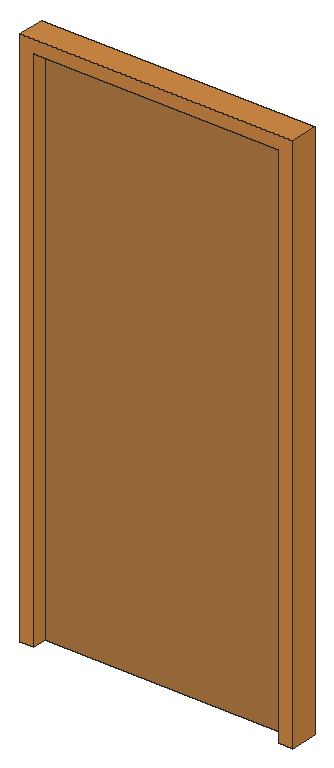
Revit family "door", category Doors, host Wall, Revit 2015
Parameters
  Website-(Personal) = "http://revit.sg"
  JOIN ME! - Revit.SG = "http://revit.sg/signup_form.html"
  Function = Interior
  Frame Projection Ext. = 25 mm
  Frame Projection Int. = 25 mm
  Frame Width = 75 mm
  Height = 2000 mm
  Wall Closure = By host
  Width = 1000 mm
  Creator = "Gary Lim"  # constant formula
Reference planes
  plane 1: y = 0
  plane 2 "Center (Left/Right)": x = 0
  plane 3 "Left": x = -500
  plane 4 "Right": x = 500
  plane 5: z = 2000
  plane 6 "Exterior": y = 75
  plane 7 "Interior": y = -75
Forms (mm)
  Sweep 1, solid, material "Aluminium"
    path origin (0, 75, 0) x (1, 0, 0) y (0, 0, 1)
      loop
        line (500, 0) -> (500, 2000) -> (-500, 2000) -> (-500, 0)
    profile origin (500, 75, 1000) x (-1, 0, 0) y (0, -1, 0)
      loop
        line (0, 0) -> (50, 0) -> (50, 100) -> (0, 100) -> (0, 0)
  Extrusion 2, solid, material "Cherry Wood"
    sketch origin (0, 75, 0) x (1, 0, 0) y (0, 0, 1)
      loop
        line (450, 1950) -> (-450, 1950) -> (-450, 0) -> (450, 0) -> (450, 1950)
    from 0 to 50
Lines and regions (mm)
  Opening 1
    outline origin (-3050, -75, 0) x (1, 0, 0) y (0, 0, 1)
      loop
        line (2550, 0) -> (3550, 0) -> (3550, 2000) -> (2550, 2000) -> (2550, 0)
  symbolic lines, style "Elevation Swing"
    curve 1: line (500, -75, 1000) -> (-500, -75, 2000)
    curve 2: line (500, -75, 1000) -> (-500, -75, 0)
  symbolic lines, style "DoorsPanelProjection"
    curve 3: line (450, 75, 0) -> (450, 975, 0)
  symbolic lines, style "Plan Swing"
    curve 4: arc (-450, 75, 0) -> (-186.396, 711.396, 0) -> (450, 975, 0) r 900
Text (mm)
  text "Exterior" at (-2295.016, 1099.543, 0), in view "Ref. Level"
  text "Exterior" at (0, 1615.38, 3698.081), in view "Left"
  text "Exterior" at (0, 1036.032, 3874.932), in view "Right"
Dimensions and locks
  equal spacing: plane 3 "Left", plane 2 "Center (Left/Right)", plane 4 "Right"
  "Width": plane 3 "Left" to plane 4 "Right"
  "Height": plane 5 to host wall
  equal spacing: host wall, curve 2, plane 5
  host wall to plane 5 = 2000 mm
  locked: plane 6 "Exterior" to host wall at 0
  locked: plane 7 "Interior" to host wall
  aligned and locked: plane 3 "Left" to Opening 1 sketch curve
  aligned and locked: plane 5 to Opening 1 sketch curve  (x2)
  aligned and locked: Opening 1 sketch curve to plane 4 "Right"
  aligned and locked: Opening 1 sketch curve to level
  aligned and locked: plane 5 to curve 1
  aligned and locked: plane 3 "Left" to curve 2
  aligned and locked: plane 1 to host wall
  aligned and locked: plane 3 "Left" to curve 1
  aligned and locked: Sweep 1 sketch curve to profile plane
  aligned and locked: Sweep 1 sketch curve to host wall
  aligned and locked: Extrusion 2 sketch curve to Sweep 1  (x3)
  aligned and locked: Sweep 1 to Extrusion 2 sketch curve
Automatic sketch dimensions
  plane 4 "Right" to curve 2 = 0 mm
  curve 2 to level = 0 mm
  plane 3 "Left" to Sweep 1 sketch curve = 0 mm
  plane 4 "Right" to Sweep 1 sketch curve = 0 mm
  Sweep 1 sketch curve to level = 0 mm  (x2)
  Sweep 1 sketch curve to plane 5 = 0 mm
  Sweep 1 sketch curve to profile plane = 50 mm
  plane 6 "Exterior" to Sweep 1 sketch curve = 100 mm
  curve 4 to host wall = 0 mm
  curve 3 to host wall = 0 mm
  curve 4 to plane 3 "Left" = 50 mm
  plane 4 "Right" to curve 3 = 50 mm
